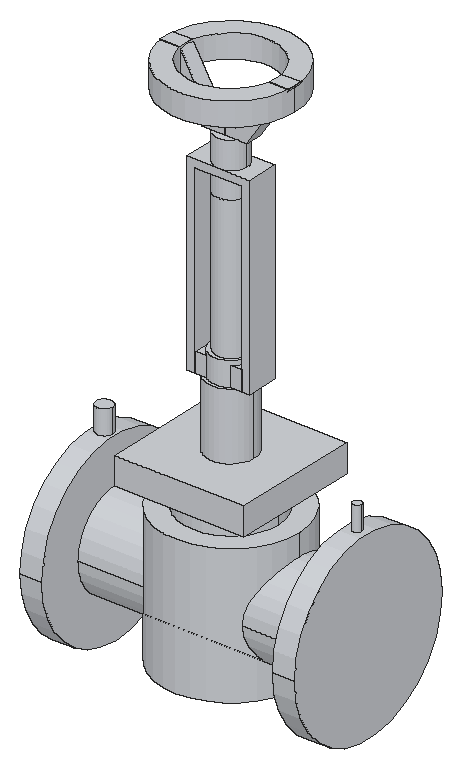
Revit family "Sigma_Compact_DN100-HF_PN16_RFA_2018", category Pipe Accessories, Revit 2018
Family settings
  Round Connector Dimension = Use Diameter
  Part Type = Valve - Breaks Into
  Work Plane-Based = No
  Always vertical = Yes
  Cut with Voids When Loaded = No
  Shared = No
Parameters (values of type "Sigma Compact DN 100 HF PN16")
  magiProductId = "cbc2fc0a341c4a2b87b0bcbf79c376"
  magiProductFamilyId = "01495da7eb234de3883c6bc9c8853e"
  magiPartTypeId = 304
  isMeasuringValve [instance] = no
  ang2D [instance] = 0.00°
  W2D = 50 mm
  VersionID = "2.0/2018.12.13.2/FRESE_SIGMA_C_BIG_Q13_001"
  Use Minimum Symbol Size [instance] = no
  URL = "www.hydronix.cz"
  Type Comments = "přírubový; PN16; max dp=800kPa; 0~+120°C; max uzavírací tlak 1MPa"
  R4 = 61.25 mm
  R3 = 61.1 mm
  R1 = 87.5 mm
  QmdConnectorList = "301;D;302;D"
  Productdata [instance] = ""
  Manufacturer = "Hydronix"
  Maintenance Zone Under Depth [instance] = 100 mm
  Maintenance Zone Right Depth [instance] = 100 mm
  Maintenance Zone Over Depth [instance] = 100 mm
  Maintenance Zone Left Depth [instance] = 100 mm
  Maintenance Zone Front Depth [instance] = 100 mm
  Maintenance Zone Back Depth [instance] = 100 mm
  Maintenance Zone Front Visibility [instance] = no
  MC Use Limits From Balancing Method = no
  MC Throttling Minimum Value = 0
  MC Throttling Maximum Value = 0
  MC Product Code = "53-2413 DN100; PN16; (14800-90000 l/h); kvs=104"
  MC Pressure Drop Minimum Value = 0.0 Pa
  MC Pressure Drop Maximum Value = 0.0 Pa
  MC Piping Given Pressure Drop [instance] = 0.0 Pa
  LF__ve = -LF  # -28 mm
  LF2 = 14 mm
  LF = 28 mm
  L432 = 28.788 mm
  L43 = 57.575 mm
  L42 = 82.25 mm
  L4 = 164.5 mm
  L3 = 294 mm
  L2D_Min = 30.48 mm
  L2D = 230 mm
  L2 = 175 mm
  HH12 = 34 mm
  HH1 = 68 mm
  HDF__ve = -HDF  # -331 mm
  HDF = 331 mm
  H6 = 85 mm
  H4 = 35.25 mm
  H3 = 29.375 mm
  H2 = 88.125 mm
  H11 = 176.25 mm
  H1 = 714 mm
  H = 566 mm
  Description = "Automatický vyvažovací ventil"
  DF2 = 117.5 mm
  D = 100 mm
  Clearance Zone Height Depth [instance] = 100 mm
  Clearance Zone Circular Radius [instance] = 175 mm
  Clearance Zone Visibility [instance] = no
  CAT0 = yes
Types (9, lengths in mm): name | magiProductId | Type Comments | R4 | R3 | R1 | MC Product Code | LF__ve | LF2 | LF | L432 | L43 | L42 | L4 | L3 | L2 | HH12 | HH1 | HDF__ve | HDF | H4 | H3 | H2 | H11 | H1 | H | DF2 | D | Clearance Zone Circular Radius
  Sigma Compact DN 050 HF PN16 | "68e8ec0e285d475ea5c3f8787337ca" | "přírubový; PN16; max dp=800kPa; 0~+120°C; max uzavírací tlak 1MPa" | 40.25 | 42.9 | 57.5 | "53-2410 DN50; PN16; (3920-24000 l/h); kvs=34" | -18.4 | 9.2 | 18.4 | 18.917 | 37.835 | 54.05 | 108.1 | 193.2 | 115 | 16.5 | 33 | -202 | 202 | 24.75 | 20.625 | 61.875 | 123.75 | 480 | 367 | 82.5 | 50 | 115
  Sigma Compact DN 065 HF PN16 | "93d22af618bf47d6be13ef3bd41a97" | "přírubový; PN16; max dp=800kPa; 0~+120°C; max uzavírací tlak 1MPa" | 50.75 | 48.1 | 72.5 | "53-2411 DN65; PN16; (5950-35000 l/h); kvs=47" | -23.2 | 11.6 | 23.2 | 23.853 | 47.705 | 68.15 | 136.3 | 243.6 | 145 | 16.5 | 33 | -199 | 199 | 27.75 | 23.125 | 69.375 | 138.75 | 497 | 384 | 92.5 | 65 | 145
  Sigma Compact DN 080 HF PN16 | "30d16928369c437789493110503824" | "přírubový; PN16; max dp=800kPa; 0~+120°C; max uzavírací tlak 1MPa" | 54.25 | 52 | 77.5 | "53-2412 DN80; PN16; (7020-43000 l/h); kvs=61" | -24.8 | 12.4 | 24.8 | 25.497 | 50.995 | 72.85 | 145.7 | 260.4 | 155 | 16.5 | 33 | -213 | 213 | 30 | 25 | 75 | 150 | 526 | 413 | 100 | 80 | 155
  Sigma Compact DN 100 HF PN16 | "cbc2fc0a341c4a2b87b0bcbf79c376" | "přírubový; PN16; max dp=800kPa; 0~+120°C; max uzavírací tlak 1MPa" | 61.25 | 61.1 | 87.5 | "53-2413 DN100; PN16; (14800-90000 l/h); kvs=104" | -28 | 14 | 28 | 28.788 | 57.575 | 82.25 | 164.5 | 294 | 175 | 34 | 68 | -331 | 331 | 35.25 | 29.375 | 88.125 | 176.25 | 714 | 566 | 117.5 | 100 | 175
  Sigma Compact DN 125 HF PN16 | "02452206f7594718b3d97e4e693144" | "přírubový; PN16; max dp=800kPa; 0~+120°C; max uzavírací tlak 1MPa" | 70 | 70.2 | 100 | "53-2414 DN125; PN16; (23000-135000 l/h); kvs=185" | -32 | 16 | 32 | 32.9 | 65.8 | 94 | 188 | 336 | 200 | 36.5 | 73 | -338 | 338 | 40.5 | 33.75 | 101.25 | 202.5 | 761 | 608 | 135 | 125 | 200
  Sigma Compact DN 150 HF PN16 | "2e5d0064e2dd45fa818d7fb779c9a5" | "přírubový; PN16; max dp=800kPa; 0~+110°C; max uzavírací tlak 1MPa" | 84 | 74.1 | 120 | "53-2415 DN150; PN16; (32000-195000 l/h); kvs=242" | -38.4 | 19.2 | 38.4 | 39.48 | 78.96 | 112.8 | 225.6 | 403.2 | 240 | 13 | 26 | -391 | 391 | 42.75 | 35.625 | 106.875 | 213.75 | 782 | 676 | 142.5 | 150 | 240
  Sigma Compact DN 200 HF PN16 | "9690c155034b41f3a54554dedb5edf" | "přírubový; PN16; max dp=800kPa; 0~+110°C; max uzavírací tlak 1MPa" | 105 | 98.8 | 150 | "53-2416 DN200; PN16; (130000-280000 l/h); kvs=317" | -48 | 24 | 48 | 49.35 | 98.7 | 141 | 282 | 504 | 300 | 29.5 | 59 | -334 | 334 | 57 | 47.5 | 142.5 | 285 | 853 | 714 | 190 | 200 | 300
  Sigma Compact DN 250 HF PN16 | "baee3668eb0d4f168225ec1ed946f7" | "přírubový; PN16; max dp=800kPa; 0~+110°C; max uzavírací tlak 1MPa" | 127.75 | 115.44 | 182.5 | "53-2417 DN250; PN16; (245000-600000 l/h); kvs=717" | -58.4 | 29.2 | 58.4 | 60.042 | 120.085 | 171.55 | 343.1 | 613.2 | 365 | 29 | 58 | -462 | 462 | 66.6 | 55.5 | 166.5 | 333 | 1044 | 906 | 222 | 250 | 365
  Sigma Compact DN 300 HF PN16 | "f903017b03a74a7ebca8b59c0516bf" | "přírubový; PN16; max dp=800kPa; 0~+110°C; max uzavírací tlak 1MPa" | 148.75 | 135.2 | 212.5 | "53-2418 DN300; PN16; (245000-600000 l/h); kvs=717" | -68 | 34 | 68 | 69.912 | 139.825 | 199.75 | 399.5 | 714 | 425 | 29 | 58 | -424 | 424 | 78 | 65 | 195 | 390 | 1082 | 944 | 260 | 300 | 425
Reference planes
  plane 1 "Center (Front/Back)": y = 0
  plane 2 "XYPLANE": z = 0
  plane 3 "Center (Left/Right)": x = 0
  plane 4 "298": y = -217.5
  plane 5 "297": y = 217.5
  plane 6 "296": y = -117.5
  plane 7 "295": y = 117.5
  plane 8 "294": z = -217.5
  plane 9 "293": z = 696.5
  plane 10 "292": x = -275
  plane 11 "291": x = 275
  plane 12 "290": z = 696.5
  plane 13 "256": y = -20
  plane 14 "254": z = 472.5
  plane 15 "253": z = 482.5
  plane 16 "252": x = -40
  plane 17 "251": x = -30
  plane 18 "250": x = 40
  plane 19 "249": x = 30
  plane 20 "247": z = 237.75
  plane 21 "244": z = 448.5
  plane 22 "243": x = 82.25
  plane 23 "242": x = 57.575
  plane 24 "241": x = 28.788
  plane 25 "240": y = -10
  plane 26 "238": x = -28.788
  plane 27 "237": x = -57.575
  plane 28 "236": z = 516.5
  plane 29 "235": z = 546.5
  plane 30 "234": x = -82.25
  plane 31 "225": z = 596.5
  plane 32 "224": z = -117.5
  plane 33 "157": x = 161
  plane 34 "156": x = -161
  plane 35 "155": z = 117.5
  plane 36 "154": z = 152.75
  plane 37 "153": z = 117.5
  plane 38 "152": z = 88.125
  plane 39 "151": x = -147
  plane 40 "150": z = -88.125
  plane 41 "149": x = 0
  plane 42 "148": y = 0
  plane 43 "147": z = 0
  plane 44 "146": x = -175
  plane 45 "145": x = 175
Forms (mm)
  Blend 1, solid, visible <- "Maintenance Zone Front Visibility"
    base sketch origin (-750, 0, 696.5) x (1, 0, 0) y (0, 1, 0)
      loop
        line (475, 217.5) -> (475, -217.5) -> (1025, -217.5) -> (1025, 217.5) -> (475, 217.5)
    top sketch origin (-750, 0, 696.5) x (1, 0, 0) y (0, 1, 0)
      loop
        line (475, 217.5) -> (475, -217.5) -> (1025, -217.5) -> (1025, 217.5) -> (475, 217.5)
    from 0 to -914
  Blend 2, solid, visible <- "Clearance Zone Visibility"
    base sketch origin (-750, 0, 0) x (1, 0, 0) y (0, 1, 0)
      loop
        circle (750, 0) r 175
    top sketch origin (-750, 0, 0) x (1, 0, 0) y (0, 1, 0)
      loop
        circle (750, 0) r 175
    from 0 to 696.5
  Extrusion 3, solid
    sketch origin (-750, 0, 448.5) x (1, 0, 0) y (0, 1, 0)
      loop
        circle (750, 0) r 19.87
    from 0 to -331 <- "HDF__ve"
  Extrusion 4, solid
    sketch origin (-750, 0, 237.75) x (1, 0, 0) y (0, 1, 0)
      loop
        line (780, 20) -> (720, 20) -> (720, -20) -> (780, -20) -> (780, 20)
    from 0 to 25
  Extrusion 5, solid
    sketch origin (750, -20, 0) x (-1, 0, 0) y (0, 0, 1)
      loop
        line (790, 237.75) -> (790, 482.5) -> (710, 482.5) -> (710, 237.75) -> (720, 237.75) -> (720, 472.5) -> (780, 472.5) -> (780, 237.75) -> (790, 237.75)
    from 0 to 40
  Extrusion 6, solid
    sketch origin (-750, 0, 237.75) x (1, 0, 0) y (0, 1, 0)
      loop
        circle (750, 0) r 25
    from 0 to 30
  Extrusion 7, solid
    sketch origin (750, -10, 0) x (-1, 0, 0) y (0, 0, 1)
      loop
        line (807.575, 596.5) -> (778.788, 546.5) -> (750, 546.5) -> (750, 516.5) -> (778.788, 516.5) -> (832.25, 596.5) -> (807.575, 596.5)
    from 0 to 20
  Extrusion 8, solid
    sketch origin (750, -10, 0) x (-1, 0, 0) y (0, 0, 1)
      loop
        line (692.425, 596.5) -> (667.75, 596.5) -> (721.212, 516.5) -> (750, 516.5) -> (750, 546.5) -> (721.212, 546.5) -> (692.425, 596.5)
    from 0 to 20
  Extrusion 9, solid
    sketch origin (-750, 0, 448.5) x (1, 0, 0) y (0, 1, 0)
      loop
        circle (750, 0) r 19.87
    from 0 to 68 <- "HH1"
  Extrusion 10, solid
    sketch origin (-750, 0, 596.5) x (1, 0, 0) y (0, 1, 0)
      loop
        circle (750, 0) r 82.25
      loop
        circle (750, 0) r 57.575
    from 0 to -30
  Extrusion 11, solid, visible <- "CAT0"
    sketch origin (-750, 0, 117.5) x (1, 0, 0) y (0, 1, 0)
      loop
        circle (911, 0) r 5.5
    from 0 to 30
  Extrusion 12, solid, visible <- "CAT0"
    sketch origin (-750, 0, 117.5) x (1, 0, 0) y (0, 1, 0)
      loop
        circle (589, 0) r 10.3
    from 0 to 30
  Extrusion 13, solid, visible <- "CAT0"
    sketch origin (-750, 0, 152.75) x (1, 0, 0) y (0, 1, 0)
      loop
        circle (750, 0) r 29.87
    from 0 to 85 <- "H6"
  Extrusion 14, solid, visible <- "CAT0"
    sketch origin (-750, 0, 117.5) x (1, 0, 0) y (0, 1, 0)
      loop
        line (832.25, 82.25) -> (667.75, 82.25) -> (667.75, -82.25) -> (832.25, -82.25) -> (832.25, 82.25)
    from 0 to 35.25 <- "H4"
  Extrusion 15, solid, visible <- "CAT0"
    sketch origin (-750, 0, 88.125) x (1, 0, 0) y (0, 1, 0)
      loop
        circle (750, 0) r 61.25
    from 0 to 29.375 <- "H3"
  Extrusion 16, solid, visible <- "CAT0"
    sketch origin (-147, -750, 0) x (0, 1, 0) y (0, 0, 1)
      loop
        circle (750, 0) r 61.1
    from 0 to 294 <- "L3"
  Extrusion 17, solid, visible <- "CAT0"
    sketch origin (-750, 0, -88.125) x (1, 0, 0) y (0, 1, 0)
      loop
        circle (750, 0) r 87.5
    from 0 to 176.25 <- "H11"
  Extrusion 18, solid, visible <- "CAT0"
    sketch origin (-175, -750, 0) x (0, 1, 0) y (0, 0, 1)
      loop
        circle (750, 0) r 117.5
    from 0 to 28 <- "LF"
  Extrusion 19, solid, visible <- "CAT0"
    sketch origin (175, -750, 0) x (0, 1, 0) y (0, 0, 1)
      loop
        circle (750, 0) r 117.5
    from 0 to -28 <- "LF__ve"
  Extrusion 20, solid, not visible
    sketch origin (-175, -750, 0) x (0, 1, 0) y (0, 0, 1)
      loop
        circle (750, 0) r 10
    from 0 to 10
  Extrusion 21, solid, not visible
    sketch origin (175, -750, 0) x (0, 1, 0) y (0, 0, 1)
      loop
        circle (750, 0) r 10
    from 0 to -10
Lines and regions (mm)
  reference lines, not visible
    curve 1: circle (2, 2, 0) r 1 normal (0, 0, 1)
  reference lines
    curve 2: circle (0, 0, 117.5) r 1 normal (0, 0, 1)
Dimensions and locks
  plane 1 "Center (Front/Back)" to curve 1 = 2 mm
  "Maintenance Zone Front Depth": plane 6 "296" to plane 4 "298"
  "Maintenance Zone Back Depth": plane 7 "295" to plane 5 "297"
  "DF2": plane 42 "148" to plane 6 "296"
  "DF2": plane 42 "148" to plane 7 "295"
  "Maintenance Zone Under Depth": plane 32 "224" to plane 8 "294"
  "Maintenance Zone Over Depth": plane 31 "225" to plane 9 "293"
  "Maintenance Zone Left Depth": plane 44 "146" to plane 10 "292"
  "Maintenance Zone Right Depth": plane 45 "145" to plane 11 "291"
  "Clearance Zone Height Depth": plane 31 "225" to plane 12 "290"
  locked: plane 25 "240" to plane 13 "256" at 10
  locked: plane 15 "253" to plane 14 "254" at 10
  "HH12": plane 21 "244" to plane 15 "253"
  locked: plane 17 "251" to plane 16 "252" at 10
  locked: plane 41 "149" to plane 17 "251" at 30
  locked: plane 19 "249" to plane 18 "250" at 10
  locked: plane 41 "149" to plane 19 "249" at 30
  "H6": plane 36 "154" to plane 20 "247"
  "H": plane 32 "224" to plane 21 "244"
  "L42": plane 41 "149" to plane 22 "243"
  "L43": plane 41 "149" to plane 23 "242"
  "L432": plane 41 "149" to plane 24 "241"
  locked: plane 42 "148" to plane 25 "240" at 10
  "L432": plane 41 "149" to plane 26 "238"
  "L43": plane 41 "149" to plane 27 "237"
  locked: plane 29 "235" to plane 28 "236" at 30
  locked: plane 31 "225" to plane 29 "235" at 50
  "L42": plane 41 "149" to plane 30 "234"
  "H1": plane 32 "224" to plane 31 "225"
  "DF2": plane 2 "XYPLANE" to plane 32 "224"
  "LF2": plane 45 "145" to plane 33 "157"
  "LF2": plane 44 "146" to plane 34 "156"
  "DF2": plane 2 "XYPLANE" to plane 35 "155"
  "H4": plane 37 "153" to plane 36 "154"
  "H3": plane 38 "152" to plane 37 "153"
  "H11": plane 40 "150" to plane 38 "152"
  "LF": plane 44 "146" to plane 39 "151"
  "H2": plane 2 "XYPLANE" to plane 40 "150"
  locked: plane 3 "Center (Left/Right)" to plane 41 "149"
  locked: plane 1 "Center (Front/Back)" to plane 42 "148"
  locked: plane 2 "XYPLANE" to plane 43 "147"
  "L2": plane 3 "Center (Left/Right)" to plane 44 "146"
  "L2": plane 3 "Center (Left/Right)" to plane 45 "145"
  Blend 1 sketch curve to Blend 1 sketch curve = 0 mm  (x16)
  Extrusion 4 sketch curve to Extrusion 4 sketch curve = 0 mm  (x8)
  Extrusion 5 sketch curve to Extrusion 5 sketch curve = 0 mm  (x16)
  Extrusion 7 sketch curve to Extrusion 7 sketch curve = 0 mm  (x12)
  Extrusion 8 sketch curve to Extrusion 8 sketch curve = 0 mm  (x12)
  equal spacing: Extrusion 14 sketch curve, curve 2, Extrusion 14 sketch curve  (x2)
  "L4": Extrusion 14 sketch curve to Extrusion 14 sketch curve  (x2)
  Extrusion 14 sketch curve to Extrusion 14 sketch curve = 0 mm  (x8)
  "Clearance Zone Circular Radius": radius of Blend 2 sketch curve  (x2)
  "L42": radius of Extrusion 10 sketch curve
  "L43": radius of Extrusion 10 sketch curve
  "R4": radius of Extrusion 15 sketch curve
  "R3": radius of Extrusion 16 sketch curve
  "R1": radius of Extrusion 17 sketch curve
  "DF2": radius of Extrusion 18 sketch curve
  "DF2": radius of Extrusion 19 sketch curve
  aligned and locked: level to plane 2 "XYPLANE"
  aligned and locked: Blend 1 sketch curve to plane 5 "297"  (x2)
  aligned and locked: plane 10 "292" to Blend 1 sketch curve  (x4)
  aligned and locked: plane 11 "291" to Blend 1 sketch curve  (x4)
  aligned and locked: plane 5 "297" to Blend 1 sketch curve  (x2)
  aligned and locked: plane 4 "298" to Blend 1 sketch curve  (x4)
  aligned and locked: Blend 1 to plane 8 "294"
  aligned and locked: plane 41 "149" to Blend 2 sketch curve  (x2)
  aligned and locked: plane 42 "148" to Blend 2 sketch curve  (x2)
  aligned and locked: plane 12 "290" to Blend 2
  aligned and locked: plane 41 "149" to Extrusion 3 sketch curve
  aligned and locked: plane 42 "148" to Extrusion 3 sketch curve
  aligned and locked: Extrusion 5 sketch curve to plane 16 "252"
  aligned and locked: plane 20 "247" to Extrusion 5 sketch curve  (x4)
  aligned and locked: plane 15 "253" to Extrusion 5 sketch curve  (x2)
  aligned and locked: plane 16 "252" to Extrusion 5 sketch curve
  aligned and locked: plane 18 "250" to Extrusion 5 sketch curve  (x2)
  aligned and locked: plane 19 "249" to Extrusion 5 sketch curve  (x2)
  aligned and locked: plane 14 "254" to Extrusion 5 sketch curve  (x2)
  aligned and locked: plane 17 "251" to Extrusion 5 sketch curve  (x2)
  aligned and locked: plane 41 "149" to Extrusion 6 sketch curve
  aligned and locked: plane 42 "148" to Extrusion 6 sketch curve
  aligned and locked: plane 27 "237" to Extrusion 7 sketch curve
  aligned and locked: plane 31 "225" to Extrusion 7 sketch curve  (x2)
  aligned and locked: plane 26 "238" to Extrusion 7 sketch curve  (x2)
  aligned and locked: plane 29 "235" to Extrusion 7 sketch curve  (x2)
  aligned and locked: plane 41 "149" to Extrusion 7 sketch curve  (x2)
  aligned and locked: plane 28 "236" to Extrusion 7 sketch curve  (x2)
  aligned and locked: plane 30 "234" to Extrusion 7 sketch curve
  aligned and locked: plane 23 "242" to Extrusion 8 sketch curve
  aligned and locked: plane 31 "225" to Extrusion 8 sketch curve  (x2)
  aligned and locked: plane 24 "241" to Extrusion 8 sketch curve  (x2)
  aligned and locked: plane 29 "235" to Extrusion 8 sketch curve  (x2)
  aligned and locked: plane 41 "149" to Extrusion 8 sketch curve  (x2)
  aligned and locked: plane 28 "236" to Extrusion 8 sketch curve  (x2)
  aligned and locked: plane 22 "243" to Extrusion 8 sketch curve
  aligned and locked: plane 41 "149" to Extrusion 9 sketch curve
  aligned and locked: plane 42 "148" to Extrusion 9 sketch curve
  aligned and locked: plane 41 "149" to Extrusion 10 sketch curve  (x2)
  aligned and locked: plane 42 "148" to Extrusion 10 sketch curve  (x2)
  aligned and locked: plane 33 "157" to Extrusion 11 sketch curve
  aligned and locked: plane 42 "148" to Extrusion 11 sketch curve
  aligned and locked: plane 34 "156" to Extrusion 12 sketch curve
  aligned and locked: plane 42 "148" to Extrusion 12 sketch curve
  aligned and locked: plane 41 "149" to Extrusion 13 sketch curve
  aligned and locked: plane 42 "148" to Extrusion 13 sketch curve
  aligned and locked: plane 41 "149" to curve 2
  aligned and locked: plane 42 "148" to curve 2
  aligned and locked: plane 41 "149" to Extrusion 15 sketch curve
  aligned and locked: plane 42 "148" to Extrusion 15 sketch curve
  aligned and locked: Extrusion 16 sketch curve to plane 42 "148"
  aligned and locked: plane 43 "147" to Extrusion 16 sketch curve
  aligned and locked: plane 41 "149" to Extrusion 17 sketch curve
  aligned and locked: plane 42 "148" to Extrusion 17 sketch curve
  aligned and locked: Extrusion 18 sketch curve to plane 42 "148"
  aligned and locked: plane 43 "147" to Extrusion 18 sketch curve
  aligned and locked: Extrusion 19 sketch curve to plane 42 "148"
  aligned and locked: plane 43 "147" to Extrusion 19 sketch curve
  aligned and locked: Extrusion 20 sketch curve to plane 42 "148"
  aligned and locked: plane 43 "147" to Extrusion 20 sketch curve
  aligned and locked: Extrusion 21 sketch curve to plane 42 "148"
  aligned and locked: plane 43 "147" to Extrusion 21 sketch curve
Automatic sketch dimensions
  plane 26 "238" to Extrusion 3 sketch curve = 8.917 mm
  Extrusion 4 sketch curve to plane 17 "251" = 0 mm
  Extrusion 4 sketch curve to plane 13 "256" = 0 mm
  Extrusion 4 sketch curve to plane 19 "249" = 0 mm
  Extrusion 4 sketch curve to plane 1 "Center (Front/Back)" = 20 mm
  plane 17 "251" to Extrusion 6 sketch curve = 5 mm
  plane 26 "238" to Extrusion 9 sketch curve = 8.917 mm
  Extrusion 11 sketch curve to plane 33 "157" = 5.5 mm
  plane 44 "146" to Extrusion 12 sketch curve = 3.7 mm
  Extrusion 13 sketch curve to plane 26 "238" = 1.083 mm
  Extrusion 20 sketch curve to plane 25 "240" = 0 mm
  Extrusion 21 sketch curve to plane 25 "240" = 0 mm
  plane 3 "Center (Left/Right)" to curve 1 = 2 mm
  Extrusion 14 sketch curve to plane 30 "234" = 0 mm
  plane 6 "296" to Extrusion 14 sketch curve = 35.25 mm
  radius of curve 2 = 1 mm
  radius of curve 1 = 1 mm
Connectors
  piping at (-175, 0, 0), diameter 100, driven by "D"
    settings: on Extrusion 20, index 1, connector inside diameter 609.6 mm, connector length 0 mm, flow factor 0, pipe flow 0.0 L/s, pressure drop 0.0 Pa, fitting loss kfactor 0, connector angle 0.00°, fixture units 0, engagement length 0 mm, angle of deflection 0.00°, flow configuration 0, flow direction 0, fitting loss method 0, system type 29, joint type 0, gender type 0, connector reference index 2, connector utility 0, adjustable connector no, is connector primary yes, connector description ""
  piping at (175, 0, 0), diameter 100, driven by "D"
    settings: on Extrusion 21, index 2, connector inside diameter 609.6 mm, connector length 0 mm, flow factor 0, pipe flow 0.0 L/s, pressure drop 0.0 Pa, fitting loss kfactor 0, connector angle 0.00°, fixture units 0, engagement length 0 mm, angle of deflection 0.00°, flow configuration 0, flow direction 0, fitting loss method 0, system type 29, joint type 0, gender type 0, connector reference index 1, connector utility 0, adjustable connector no, is connector primary no, connector description ""
